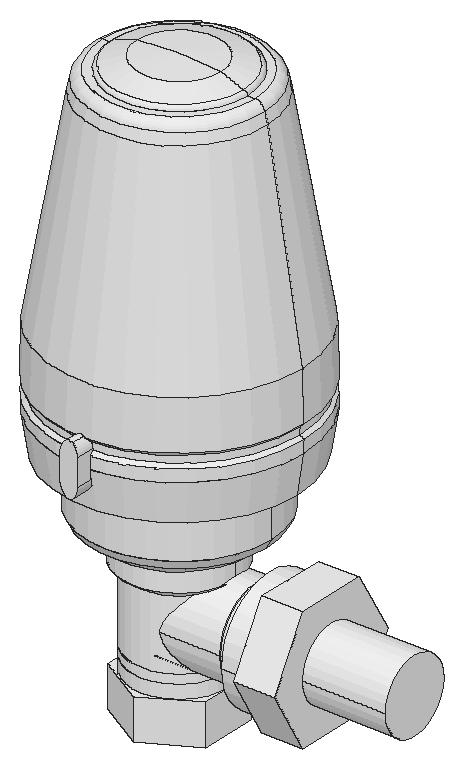
Revit family "RA-FN_Angle_DN10-20_D_Regus_RFA_1", category Pipe Accessories, Revit 2019
Family settings
  Round Connector Dimension = Use Diameter
  Part Type = Valve - Breaks Into
  OmniClass Number = 23.65.55.14.17
  OmniClass Title = Adjusting/Controlling Valves for Liquid Services
  Work Plane-Based = No
  Always vertical = Yes
  Cut with Voids When Loaded = No
  Shared = No
Parameters (values of type "RA-FN_Angle_DN10_Internal_D_013G0021")
  Weight = 0.21 kg
  W = 58.0 mm  # constant formula
  Sensor Type = Regus Sensors_RA_RFA : Regus Sensors_RA_Built-in_16-28 °C_015G3696
  R_200_1 = 15.0 mm
  R_200 = 12.5 mm
  RV2 = 10.5 mm
  RV3 = 13.3 mm
  RV4 = 8.0 mm
  RB3 = 10.6 mm
  RB = 27.5 mm  # constant formula
  Pressure Drop [instance] = 0.0 bar
  Nut_Visibility = 0.0 mm
  Nut = if(Nut_Visibility > 1.0 mm, 1 = 1, 1 = 0)  # no
  Model Type = "RA-FN_Angle_DN10_Internal_D"
  Model = "013G0021"
  Max Operating Pressure = "10 bar"  # constant formula
  Max Medium Temperature = "120 ˚C"  # constant formula
  Max Differential Pressure = "0.6 bar"  # constant formula
  SL = L1 + L2 + L3 + L4  # 33.5 mm
  LOD 350 = not(LOD 200)  # yes
  LOD 200 = no
  L2 = 3.0 mm
  L1 = 17.0 mm
  L3 = 4.5 mm
  L4 = 9.0 mm
  LL = 52.0 mm
  L = LL + RB  # 79.5 mm
  Kvs = 0.65 m³/h
  IfcExportType = "RA-FN"  # constant formula
  IfcExportAs = "IfcValveType"  # constant formula
  HB4 = 0.0 mm
  HB2 = 2.0 mm
  HB1 = 9.0 mm
  HB3 = 8.0 mm
  HT3 = 6.0 mm
  HT2 = 1.5 mm
  SH = HT1 + HT2 + HT3 + 23.0 mm  # 38.0 mm
  HT1 = 7.5 mm
  Valve Body Material = Danfoss Nickel Plated Brass
  URL = "https://store.danfoss.com/en/Climate-Solutions-for-heating/Radiator-Thermostats/Radiator-Valves/Build-on-valves/Fixed-capacity-valves/c/13867?q=%3Arelevance%3Adanfoss_producttypehierarchydesc%3ARA-FN&text="
  RV1 = 10.0 mm
  Manufacturer = "Danfoss"  # constant formula
  RB2 = 10.6 mm
  HB = 22.0 mm
  HT = HT1 + HT2 + HT3 + 93.8 mm  # 108.8 mm
  H = 130.8 mm
  Flow [instance] = 0.0 m³/h
  Description = "Thermostatic Radiator Valve"  # constant formula
  DB1 = 25.0 mm
  L_Thread2 = 13.5 mm
  L_Thread1 = 10.8 mm
  D = 10.0 mm
  Connection = "Internal Thread"  # constant formula
Types (4, lengths in mm): name | Weight | Sensor Type | R_200_1 | R_200 | RV2 | RV3 | RV4 | RB3 | Nut_Visibility | Nut | Model Type | Model | SL | L2 | L1 | L3 | L4 | LL | L | Kvs | HB4 | HB2 | HB1 | HB3 | HT3 | HT2 | SH | HT1 | RV1 | RB2 | HB | HT | H | DB1 | L_Thread2 | L_Thread1 | D
  RA-FN_Angle_DN10_Internal_D_013G0021 | 0.21 kg | Regus Sensors_RA_RFA : Regus Sensors_RA_Built-in_16-28 °C_015G3696 | 15.0 | 12.5 | 10.5 | 13.3 | 8.0 | 10.6 | 0.0 | no | "RA-FN_Angle_DN10_Internal_D" | "013G0021" | 33.5 | 3.0 | 17.0 | 4.5 | 9.0 | 52.0 | 79.5 | 0.65 m³/h | 0.0 | 2.0 | 9.0 | 8.0 | 6.0 | 1.5 | 38.0 | 7.5 | 10.0 | 10.6 | 22.0 | 108.8 | 130.8 | 25.0 | 13.5 | 10.8 | 10.0
  RA-FN_Angle_DN15_Internal_D_H=74 mm_013G0023 | 0.23 kg | Regus Sensors_RA_RFA : Regus Sensors_RA_Built-in_8-28 °C | 17.3 | 15.3 | 13.0 | 15.0 | 10.5 | 12.5 | 1.0 | no | "RA-FN_Angle_DN15_Internal_D_H=74 mm" | "013G0023,013G3227" | 38.0 | 3.0 | 20.0 | 5.0 | 10.0 | 58.0 | 85.5 | 0.9 m³/h | 0.0 | 3.0 | 10.0 | 7.0 | 6.0 | 1.5 | 38.0 | 7.5 | 11.0 | 9.5 | 26.0 | 108.8 | 134.8 | 25.0 | 15.0 | 13.3 | 15.0
  RA-FN_Angle_DN20_Internal_D_013G0025 | 0.37 kg | Regus Sensors_RA_RFA : Regus Sensors_RA_Built-in_8-28 °C | 21.131 | 18.244 | 16.5 | 18.5 | 13.0 | 15.5 | 0.0 | no | "RA-FN_Angle_DN20_Internal_D" | "013G0025" | 44.0 | 4.0 | 21.5 | 5.0 | 13.5 | 66.5 | 94.0 | 1.4 m³/h | 0.0 | 3.0 | 13.0 | 8.0 | 4.5 | 2.0 | 38.5 | 9.0 | 13.0 | 13.0 | 29.0 | 109.3 | 138.3 | 26.0 | 18.3 | 15.8 | 20.0
  RA-FN_Angle_DN15_Internal_D_H=84 mm_013G0083 | 0.23 kg | Regus Sensors_RA_RFA : Regus Sensors_RA_Built-in_8-28 °C | 17.3 | 15.3 | 13.0 | 15.0 | 10.5 | 12.5 | 2.0 | yes | "RA-FN_Angle_DN15_Internal_D_H=84 mm" | "013G0083" | 38.0 | 3.0 | 20.0 | 5.0 | 10.0 | 58.0 | 85.5 | 0.9 m³/h | 9.9 | 3.0 | 10.0 | 7.0 | 6.0 | 1.5 | 38.0 | 7.5 | 11.0 | 9.5 | 26.0 | 108.8 | 144.7 | 25.0 | 15.0 | 13.3 | 15.0
Reference planes
  plane 1 "Center (Front/Back)": y = 0
  plane 2 "XYPLANE": z = 0
  plane 3 "Center (Left/Right)": x = 0
  plane 4 "54": z = 7.5
  plane 5 "52": z = -22
  plane 6 "51": x = 0
  plane 7 "50": y = 0
  plane 8 "49": z = 0
  plane 9 "48": x = 24.5
  plane 10: z = 9
  plane 11: z = 15
  plane 12: z = -8
  plane 13: z = -10
  plane 14: z = -13
  plane 15: x = 52
  plane 16: x = 33.5
  plane 17: x = 20
  plane 18: x = 17
  plane 19: z = -22
  plane 20: z = 108.8
  plane 21: y = 15.6
  plane 22: y = -15.6
  plane 23: x = -27.5
  plane 24: y = -30.5
  plane 25: y = 27.5
Forms (mm)
  Extrusion 1, solid, material "Danfoss Nickel Plated Brass" <- "Valve Body Material", detail levels fine
    sketch origin (0, 0, 0) x (1, 0, 0) y (0, 1, 0)
      loop
        circle (0, 0) r 12.5
    from 9 to 15
  Extrusion 2, solid, material "Danfoss Nickel Plated Brass" <- "Valve Body Material", visible <- "LOD 350", detail levels fine
    sketch origin (-750, 0, -22) x (1, 0, 0) y (0, 1, 0)
      loop
        line (750, -12.471) -> (760.8, -6.235) -> (760.8, 6.235) -> (750, 12.471) -> (739.2, 6.235) -> (739.2, -6.235) -> (750, -12.471)
    from 0 to 9
  Extrusion 3, solid, material "Danfoss Nickel Plated Brass" <- "Valve Body Material", visible <- "LOD 350", detail levels fine
    sketch origin (0, 0, 0) x (1, 0, 0) y (0, 1, 0)
      loop
        circle (0, 0) r 10.6
    from 7.5 to -8
  Extrusion 4, solid, material "Danfoss Nickel Plated Brass" <- "Valve Body Material", visible <- "LOD 350", detail levels fine
    sketch origin (16.7, -750, 0) x (0, 1, 0) y (0, 0, 1)
      loop
        circle (750, 0) r 10
    from 0.3 to -16.7
  Extrusion 5, solid, material "Danfoss Nickel Plated Brass" <- "Valve Body Material", visible <- "LOD 350", detail levels fine
    sketch origin (24.5, -750, 0) x (0, 1, 0) y (0, 0, 1)
      loop
        line (734.412, 0) -> (742.206, -13.5) -> (757.794, -13.5) -> (765.588, 0) -> (757.794, 13.5) -> (742.206, 13.5) -> (734.412, 0)
    from 9 to 0
  Extrusion 6, solid, material "Danfoss Nickel Plated Brass" <- "Valve Body Material", visible <- "LOD 350", detail levels fine
    sketch origin (24.5, -750, 0) x (0, 1, 0) y (0, 0, 1)
      loop
        circle (750, 0) r 13.3
    from 0 to -4.5
  Extrusion 7, solid, material "Danfoss Nickel Plated Brass" <- "Valve Body Material", visible <- "LOD 350", detail levels fine
    sketch origin (0, 0, 0) x (1, 0, 0) y (0, 1, 0)
      loop
        circle (0, 0) r 10.6
    from -13 to -10
  Blend 8, solid, material "Danfoss Nickel Plated Brass" <- "Valve Body Material", visible <- "LOD 350", detail levels fine
    base sketch origin (0, 0, 0) x (1, 0, 0) y (0, 1, 0)
      loop
        circle (0, 0) r 10.6
    top sketch origin (0, 0, 0) x (1, 0, 0) y (0, 1, 0)
      loop
        circle (0, 0) r 10.6
    from -10 to -8
  Blend 9, solid, material "Danfoss Nickel Plated Brass" <- "Valve Body Material", visible <- "LOD 350", detail levels fine
    base sketch origin (0, 0, 0) x (0, -1, 0) y (1, 0, 0)
      loop
        circle (0, 0) r 12.5
    top sketch origin (0, 0, 0) x (0, -1, 0) y (1, 0, 0)
      loop
        circle (0, 0) r 10.6
    from 9 to 7.5
  Blend 10, solid, material "Danfoss Nickel Plated Brass" <- "Valve Body Material", visible <- "LOD 350", detail levels fine
    base sketch origin (0, 0, 0) x (0, 1, 0) y (0, 0, 1)
      loop
        circle (0, 0) r 10
    top sketch origin (0, 0, 0) x (0, 1, 0) y (0, 0, 1)
      loop
        circle (0, 0) r 10.5
    from 17 to 20
  Extrusion 11, solid, material "Danfoss Nickel Plated Brass" <- "Valve Body Material", detail levels fine
    sketch origin (24.5, -750, 0) x (0, 1, 0) y (0, 0, 1)
      loop
        circle (750, 0) r 8
    from 9 to 27.5
  Revolve 12, solid, material "Danfoss Nickel Plated Brass" <- "Valve Body Material", visible <- "LOD 200", detail levels fine
    sketch origin (0, 0, 0) x (1, 0, 0) y (0, 0, 1)
      loop
        line (0, -13) -> (10.6, -13) -> (10.6, 9) -> (0, 9) -> (0, -13)
      axis (0, -13) -> (0, 9)
    angle from 0 to 360
  Extrusion 13, solid, material "Danfoss Nickel Plated Brass" <- "Valve Body Material", visible <- "LOD 200", detail levels fine
    sketch origin (0, 0, 0) x (0, 1, 0) y (0, 0, 1)
      loop
        circle (0, 0) r 10
    from 0 to 24.5
  Extrusion 14, solid, material "Danfoss Nickel Plated Brass" <- "Valve Body Material", visible <- "LOD 200", detail levels fine
    sketch origin (24.5, -750, 0) x (0, 1, 0) y (0, 0, 1)
      loop
        circle (750, 0) r 15
    from 0 to 9
  Extrusion 15, solid, material "Danfoss Nickel Plated Brass" <- "Valve Body Material", visible <- "LOD 200", detail levels fine
    sketch origin (0, 0, 0) x (1, 0, 0) y (0, 1, 0)
      loop
        circle (0, 0) r 12.5
    from -22 to -13
  Revolve 16, solid, material "Danfoss Nickel Plated Brass" <- "Valve Body Material", visible <- "Nut", detail levels fine
    sketch origin (0, 0, 0) x (1, 0, 0) y (0, 0, 1)
      loop
        line (0, -12.1) -> (0, -22) -> (10.9, -22) -> (10.9, -16.034) -> (9.21, -16.034) -> (9.21, -12.1) -> (0, -12.1)
      axis (0, -12.1) -> (0, -22)
    angle from 0 to 360
Lines and regions (mm)
  reference lines, not visible
    curve 1: circle (2, 2, 0) r 1 normal (0, 0, 1)
  reference lines
    curve 2: line (0, 0, -22) -> (4.33, 2.5, -22)
    curve 3: line (0, 0, -22) -> (0, 5, -22)
    curve 4: line (0, 0, -22) -> (-4.33, 2.5, -22)
    curve 5: line (24.5, 0, 0) -> (24.5, 2.625, -4.547)
    curve 6: line (24.5, 0, 0) -> (24.5, 5.25, 0)
    curve 7: line (24.5, 0, 0) -> (24.5, 2.625, 4.547)
Dimensions and locks
  plane 1 "Center (Front/Back)" to curve 1 = 2.0 mm
  "HT1": plane 2 "XYPLANE" to plane 4 "54"
  "HB": plane 2 "XYPLANE" to plane 5 "52"
  locked: plane 3 "Center (Left/Right)" to plane 6 "51"
  locked: plane 1 "Center (Front/Back)" to plane 7 "50"
  locked: plane 2 "XYPLANE" to plane 8 "49"
  "L_Thread1": curve 2 to Extrusion 2 sketch curve  (x2)
  "L_Thread1": curve 3 to Extrusion 2 sketch curve  (x2)
  "L_Thread1": curve 4 to Extrusion 2 sketch curve  (x2)
  "L_Thread2": curve 5 to Extrusion 5 sketch curve  (x2)
  "L_Thread2": curve 6 to Extrusion 5 sketch curve  (x2)
  "L_Thread2": curve 7 to Extrusion 5 sketch curve  (x2)
  "HT2": plane 10 to plane 4 "54"
  "HT3": plane 11 to plane 10
  "HB3": level to plane 12
  "HB2": plane 12 to plane 13
  "HB1": plane 14 to plane 5 "52"
  "LL": plane 15 to plane 3 "Center (Left/Right)"
  "L4": plane 9 "48" to plane 16
  "L3": plane 17 to plane 9 "48"
  "L2": plane 18 to plane 17
  "L1": plane 3 "Center (Left/Right)" to plane 18
  plane 9 "48" to plane 3 "Center (Left/Right)" = 24.5 mm
  "RB2": Revolve 12 sketch curve to Revolve 12 sketch curve
  plane 11 to level = 15.0 mm
  "HT": plane 20 to level
  Extrusion 2 to Extrusion 2 = 24.942 mm
  equal spacing: plane 21, plane 1 "Center (Front/Back)", plane 22
  "L": plane 15 to plane 23
  "W": plane 24 to plane 25
  Revolve 16 sketch curve to Revolve 16 sketch curve = 5.966 mm
  Revolve 16 sketch curve to Revolve 16 sketch curve = 3.934 mm
  "H": plane 20 to plane 19
  "DB1": diameter of Extrusion 1 sketch curve
  "RB2": radius of Extrusion 3 sketch curve
  "RV1": radius of Extrusion 4 sketch curve
  "RB3": radius of Extrusion 7 sketch curve
  "RB3": radius of Blend 8 sketch curve
  "RB2": radius of Blend 8 sketch curve
  "RB2": radius of Blend 9 sketch curve
  "RV3": radius of Extrusion 6 sketch curve
  "RV1": radius of Blend 10 sketch curve
  "RV2": radius of Blend 10 sketch curve
  "RV4": radius of Extrusion 11 sketch curve
  "DB1": diameter of Blend 9 sketch curve
  "RV1": radius of Extrusion 13 sketch curve
  "R_200_1": radius of Extrusion 14 sketch curve
  "R_200": radius of Extrusion 15 sketch curve
  locked: curve 3 to curve 2 (angle 60.00°)
  locked: curve 4 to curve 3 (angle 60.00°)
  locked: curve 4 to curve 2 (angle 120.00°)
  locked: curve 6 to curve 5 (angle 60.00°)
  locked: curve 7 to curve 6 (angle 60.00°)
  locked: curve 7 to curve 5 (angle 120.00°)
  aligned and locked: level to plane 2 "XYPLANE"
  aligned and locked: plane 6 "51" to Extrusion 1 sketch curve
  aligned and locked: plane 7 "50" to Extrusion 1 sketch curve
  aligned and locked: plane 6 "51" to curve 4
  aligned and locked: plane 7 "50" to curve 4
  aligned and locked: plane 6 "51" to Extrusion 3 sketch curve
  aligned and locked: plane 7 "50" to Extrusion 3 sketch curve
  aligned and locked: Extrusion 4 sketch curve to plane 7 "50"
  aligned and locked: plane 8 "49" to Extrusion 4 sketch curve
  aligned and locked: curve 7 to plane 7 "50"
  aligned and locked: plane 8 "49" to curve 7
  aligned and locked: plane 8 "49" to Extrusion 6 sketch curve
  aligned and locked: Extrusion 1 to plane 10
  aligned and locked: plane 11 to Extrusion 1
  aligned and locked: plane 4 "54" to Extrusion 3
  aligned and locked: plane 14 to Extrusion 2
  aligned and locked: Extrusion 3 to plane 12
  aligned and locked: plane 3 "Center (Left/Right)" to Extrusion 7 sketch curve
  aligned and locked: plane 1 "Center (Front/Back)" to Extrusion 7 sketch curve
  aligned and locked: Extrusion 7 to plane 14
  aligned and locked: plane 13 to Extrusion 7
  aligned and locked: plane 3 "Center (Left/Right)" to Blend 8 sketch curve  (x2)
  aligned and locked: plane 1 "Center (Front/Back)" to Blend 8 sketch curve  (x2)
  aligned and locked: Blend 8 to plane 13
  aligned and locked: plane 12 to Blend 8
  aligned and locked: plane 10 to Blend 9
  aligned and locked: Blend 9 to plane 4 "54"
  aligned and locked: Extrusion 4 to plane 18
  aligned and locked: Extrusion 6 to plane 17
  aligned and locked: plane 1 "Center (Front/Back)" to Extrusion 6 sketch curve
  aligned and locked: level to Extrusion 6 sketch curve
  aligned and locked: Extrusion 5 to plane 9 "48"
  aligned and locked: plane 16 to Extrusion 5
  aligned and locked: Extrusion 4 to plane 3 "Center (Left/Right)"
  aligned and locked: plane 1 "Center (Front/Back)" to Blend 10 sketch curve  (x2)
  aligned and locked: level to Blend 10 sketch curve  (x2)
  aligned and locked: Blend 10 to plane 18
  aligned and locked: Blend 10 to plane 17
  aligned and locked: plane 1 "Center (Front/Back)" to Extrusion 11 sketch curve
  aligned and locked: level to Extrusion 11 sketch curve
  aligned and locked: Extrusion 11 to plane 16
  aligned and locked: plane 15 to Extrusion 11
  aligned and locked: plane 6 "51" to Blend 9 sketch curve
  aligned and locked: plane 7 "50" to Blend 9 sketch curve
  aligned and locked: Revolve 12 sketch curve to plane 3 "Center (Left/Right)"
  aligned and locked: Revolve 12 sketch curve to Revolve 12 sketch curve
  aligned and locked: Revolve 12 sketch curve to plane 10
  aligned and locked: level to Extrusion 13 sketch curve
  aligned and locked: plane 1 "Center (Front/Back)" to Extrusion 13 sketch curve
  aligned and locked: Extrusion 13 to plane 9 "48"
  aligned and locked: plane 1 "Center (Front/Back)" to Extrusion 14 sketch curve
  aligned and locked: level to Extrusion 14 sketch curve
  aligned and locked: plane 6 "51" to Extrusion 15 sketch curve
  aligned and locked: plane 7 "50" to Extrusion 15 sketch curve
  aligned and locked: Extrusion 15 to plane 5 "52"
  aligned and locked: plane 14 to Extrusion 15
  aligned and locked: Extrusion 14 to plane 9 "48"
  aligned and locked: plane 16 to Extrusion 14
  aligned and locked: Revolve 12 sketch curve to plane 14
  aligned and locked: Revolve 16 sketch curve to plane 3 "Center (Left/Right)"  (x2)
  aligned and locked: Revolve 16 sketch curve to plane 19
  aligned and locked: plane 11 to nested 1
  aligned and locked: plane 3 "Center (Left/Right)" to nested 1
  aligned and locked: plane 1 "Center (Front/Back)" to nested 1
  aligned and locked: nested 2 to plane 11
  aligned and locked: plane 3 "Center (Left/Right)" to nested 2
  aligned and locked: plane 1 "Center (Front/Back)" to nested 2
  aligned and locked: plane 1 "Center (Front/Back)" to nested 3
  aligned and locked: nested 3 to level
Automatic sketch dimensions
  plane 3 "Center (Left/Right)" to curve 1 = 2.0 mm
  plane 3 "Center (Left/Right)" to Revolve 16 sketch curve = 9.21 mm
  Revolve 16 sketch curve to Revolve 16 sketch curve = 1.69 mm
  Revolve 16 sketch curve to plane 19 = 330.145 mm
  plane 11 to Revolve 16 sketch curve = 2196.815 mm
  plane 1 "Center (Front/Back)" to Blend 9 sketch curve = 0.0 mm
  Blend 9 sketch curve to plane 3 "Center (Left/Right)" = 0.0 mm
  Revolve 12 sketch curve to plane 14 = 0.0 mm
  Revolve 12 sketch curve to plane 11 = 0.0 mm
  radius of curve 1 = 1.0 mm
Nested families
  nested 1: "connection neck" at (0, 0, 15), LOD 200 <- "LOD 200", type "connection", detail levels fine
    with LOD 350 yes, LOD 200 no, DN20(350) no, DN10-15(350) yes
  nested 2: "Regus Sensors_RA_RFA" at (0, 0, 15), LOD 200 <- "LOD 200", type <- "Sensor Type", type "Regus Sensors_RA_Built-in_16-28 °C_015G3696", detail levels fine
    with LOD 350 yes, LOD 200 no
  nested 3: "Schematic_TRV_Sensor_Angle" at (0, 0, 0), type "Schematic_TRV_Sensor_Angle", detail levels coarse+medium
Connectors
  piping at (0, 0, -22), diameter 10, driven by "Flow", driven by "D"
    settings: on Extrusion 2, index 3, connector inside diameter 609.6 mm, connector length 0.0 mm, flow factor 0, pipe flow 0.0 m³/h, pressure drop 0.0 bar, fitting loss kfactor 0, connector angle 0.00°, fixture units 0, engagement length 0.0 mm, angle of deflection 0.00°, flow configuration 0, flow direction 1, fitting loss method 0, system type 29, joint type 0, gender type 0, connector reference index 4, connector utility 0, adjustable connector no, is connector primary yes, connector description ""
  piping at (33.5, 0, 0), diameter 10, driven by "D", driven by "Flow"
    settings: on Extrusion 5, index 4, connector inside diameter 609.6 mm, connector length 0.0 mm, flow factor 0, pipe flow 0.0 m³/h, pressure drop 0.0 bar, fitting loss kfactor 0, connector angle 0.00°, fixture units 0, engagement length 0.0 mm, angle of deflection 0.00°, flow configuration 0, flow direction 2, fitting loss method 0, system type 29, joint type 0, gender type 0, connector reference index 3, connector utility 0, adjustable connector no, is connector primary no, connector description ""
Definition of nested family "connection neck"
  Parameters (values of type "connection")
    Model = ""
    Valve Body Material = none
    LOD 350 [instance] = not(LOD 200)  # yes
    LOD 200 [instance] = no
    IfcExportType = "Connection neck"  # constant formula
    IfcExportAs = "IfcValveType"  # constant formula
    URL = "https://store.danfoss.com/en/Climate-Solutions-for-heating/Radiator-Thermostats/Radiator-Valves/Build-on-valves/Presetting-valves/c/13866?q=%3Arelevance%3Adanfoss_producttypehierarchydesc%3ARA-N&text="
    Manufacturer = "Danfoss"  # constant formula
    HT1 = if(D = 20.0 mm, 12.55 mm, 12.65 mm)  # 12.65 mm
    HT = 33.0 mm  # constant formula
    H [instance] = 33.0 mm
    Description = "Thermostatic Radiator Valve"  # constant formula
    DN20(350) [instance] = and((LOD 350), D = 20.0 mm)  # no
    DN10-15(350) [instance] = and((LOD 350), D < 20.0 mm)  # yes
    D = 10.0 mm
  Reference planes
    plane 1 "Center (Front/Back)": y = 0
    plane 2 "XYPLANE": z = 6
    plane 3 "Center (Left/Right)": x = 0
    plane 4 "67": z = 27.03
    plane 5 "66": z = 7
    plane 6 "63": x = 0
    plane 7 "60": y = 0
    plane 8 "59": z = 0
    plane 9: z = 33
    plane 10: z = 12.65
    plane 11: z = 0
    plane 12 "HT1": z = 12.65
    plane 13: z = 6.1
    plane 14: z = 23.03
  Forms (mm)
    Revolve 1, solid, detail levels fine
      sketch origin (0, 0, 0) x (1, 0, 0) y (0, 0, 1)
        loop
          line (0, 33) -> (0, 27.03) -> (1, 27.03) -> (1, 33) -> (0, 33)
        axis (0, 27.03) -> (0, 33)
      angle from 0 to 360
    Revolve 2, solid, visible <- "DN10-15(350)", detail levels fine
      sketch origin (0, 0, 0) x (1, 0, 0) y (0, 0, 1)
        loop
          line (0, 0) -> (11.5, 0) -> (11.5, 7) -> (8.3, 7) -> (8.3, 12.65) -> (0, 12.65) -> (0, 0)
        axis (0, 12.65) -> (0, 0)
      angle from 0 to 360
    Revolve 3, solid, material <- "Valve Body Material", detail levels fine
      sketch origin (0, 0, 0) x (1, 0, 0) y (0, 0, 1)
        loop
          line (0, 23.03) -> (0, 12.65) -> (9.3, 12.65) -> (9.3, 23.03) -> (0, 23.03)
        axis (0, 12.65) -> (0, 23.03)
      angle from 0 to 360
    Revolve 4, solid, visible <- "LOD 200", detail levels fine
      sketch origin (0, 0, 0) x (1, 0, 0) y (0, 0, 1)
        loop
          line (0, 0) -> (11.5, 0) -> (11.5, 12.65) -> (0, 12.65) -> (0, 0)
        axis (0, 0) -> (0, 12.65)
      angle from 0 to 360
    Extrusion 5, solid, visible <- "LOD 350", detail levels fine
      sketch origin (0, 0, 0) x (1, 0, 0) y (0, 1, 0)
        loop
          line (-2.887, 5) -> (-5.774, 0) -> (-2.887, -5) -> (2.887, -5) -> (5.774, 0) -> (2.887, 5) -> (-2.887, 5)
      from 23.03 to 27.03
    Revolve 6, solid, visible <- "LOD 200", detail levels fine
      sketch origin (0, 0, 0) x (1, 0, 0) y (0, 0, 1)
        loop
          line (0, 27.03) -> (0, 23.03) -> (5.774, 23.03) -> (5.774, 27.03) -> (0, 27.03)
        axis (0, 27.03) -> (0, 23.03)
      angle from 0 to 360
    Revolve 7, solid, visible <- "DN20(350)", detail levels fine
      sketch origin (0, 0, 0) x (1, 0, 0) y (0, 0, 1)
        loop
          line (0, 0) -> (11.5, 0) -> (11.5, 6.1) -> (8.3, 6.1) -> (8.3, 12.65) -> (0, 12.65) -> (0, 0)
        axis (0, 12.65) -> (0, 0)
      angle from 0 to 360
  Lines and regions (mm)
    reference lines, not visible
      curve 1: circle (2, 2, 0) r 1 normal (0, 0, 1)
    reference lines, visible <- "LOD 350"
      curve 2: line (32, 0, 0) -> (32, 5.846, -3.375)
      curve 3: line (32, 0, 0) -> (32, 0, -6.75)
      curve 4: line (32, 0, 0) -> (32, -5.846, -3.375)
      curve 5: line (-29, 0, 0) -> (-29, -4.98, -2.875)
      curve 6: line (-29, 0, 0) -> (-29, 0, -5.75)
      curve 7: line (-29, 0, 0) -> (-29, 4.98, -2.875)
  Dimensions and locks
    plane 1 "Center (Front/Back)" to curve 1 = 2.0 mm
    locked: plane 3 "Center (Left/Right)" to plane 6 "63"
    locked: plane 1 "Center (Front/Back)" to plane 7 "60"
    plane 8 "59" to plane 2 "XYPLANE" = 6.0 mm
    "HT": plane 9 to level
    Revolve 3 sketch curve to Revolve 3 sketch curve = 9.3 mm
    Revolve 2 sketch curve to plane 3 "Center (Left/Right)" = 11.5 mm
    Revolve 2 sketch curve to plane 3 "Center (Left/Right)" = 8.3 mm
    Revolve 4 sketch curve to Revolve 4 sketch curve = 11.5 mm
    Extrusion 5 sketch curve to Extrusion 5 sketch curve = 10.0 mm  (x3)
    equal spacing: Extrusion 5 sketch curve, plane 1 "Center (Front/Back)", Extrusion 5 sketch curve
    equal spacing: Extrusion 5 sketch curve, plane 3 "Center (Left/Right)", Extrusion 5 sketch curve  (x2)
    Revolve 6 sketch curve to Revolve 6 sketch curve = 5.774 mm
    "H": plane 9 to plane 11
    Revolve 1 sketch curve to Revolve 1 sketch curve = 1.0 mm
    locked: level to plane 11
    Revolve 7 sketch curve to plane 3 "Center (Left/Right)" = 8.3 mm
    Revolve 7 sketch curve to plane 3 "Center (Left/Right)" = 11.5 mm
    plane 10 to plane 5 "66" = 5.65 mm
    "HT1": plane 12 "HT1" to level
    locked: plane 13 to level at 6.1
    plane 12 "HT1" to plane 13 = 6.55 mm
    locked: plane 14 to plane 12 "HT1" at 10.38
    locked: plane 4 "67" to plane 14 at 4
    locked: plane 5 "66" to level at 7
    locked: curve 3 to curve 2 (angle 60.00°)
    locked: curve 4 to curve 3 (angle 60.00°)
    locked: curve 4 to curve 2 (angle 120.00°)
    locked: curve 6 to curve 5 (angle 60.00°)
    locked: curve 7 to curve 6 (angle 60.00°)
    locked: curve 7 to curve 5 (angle 120.00°)
    aligned and locked: curve 4 to plane 7 "60"
    aligned and locked: plane 8 "59" to curve 4
    aligned and locked: curve 7 to plane 7 "60"
    aligned and locked: plane 8 "59" to curve 7
    aligned and locked: Revolve 1 sketch curve to plane 6 "63"
    aligned and locked: Revolve 1 sketch curve to plane 9
    aligned and locked: plane 6 "63" to Revolve 1 sketch curve
    aligned and locked: Revolve 2 sketch curve to plane 5 "66"
    aligned and locked: Revolve 2 sketch curve to plane 3 "Center (Left/Right)"
    aligned and locked: Revolve 2 sketch curve to Revolve 2 sketch curve
    aligned and locked: Revolve 3 sketch curve to plane 6 "63"
    aligned and locked: plane 6 "63" to Revolve 3 sketch curve
    aligned and locked: Revolve 4 sketch curve to plane 6 "63"
    aligned and locked: plane 2 "XYPLANE" to Revolve 4 sketch curve
    aligned and locked: plane 6 "63" to Revolve 4 sketch curve
    aligned and locked: Revolve 1 sketch curve to plane 4 "67"
    aligned and locked: plane 4 "67" to Revolve 1 sketch curve
    aligned and locked: Revolve 2 sketch curve to plane 11
    aligned and locked: plane 11 to Revolve 2 sketch curve
    aligned and locked: plane 4 "67" to Extrusion 5
    aligned and locked: plane 10 to Revolve 4
    aligned and locked: Revolve 6 sketch curve to plane 6 "63"  (x2)
    aligned and locked: Revolve 6 sketch curve to plane 4 "67"
    aligned and locked: Revolve 6 sketch curve to Revolve 1
    aligned and locked: Revolve 6 sketch curve to Revolve 6 sketch curve
    aligned and locked: Revolve 7 sketch curve to level
    aligned and locked: Revolve 7 sketch curve to plane 3 "Center (Left/Right)"  (x2)
    aligned and locked: Revolve 4 sketch curve to plane 12 "HT1"
    aligned and locked: Revolve 3 sketch curve to plane 12 "HT1"
    aligned and locked: Revolve 2 sketch curve to plane 12 "HT1"
    aligned and locked: Revolve 7 sketch curve to plane 12 "HT1"
    aligned and locked: Revolve 7 sketch curve to plane 13
    aligned and locked: Revolve 3 sketch curve to plane 14
    aligned and locked: Extrusion 5 to plane 14
  Automatic sketch dimensions
    plane 3 "Center (Left/Right)" to curve 1 = 2.0 mm
    plane 9 to Revolve 1 sketch curve = 0.838 mm
    Revolve 3 sketch curve to plane 3 "Center (Left/Right)" = 0.0 mm
    plane 5 "66" to Revolve 3 sketch curve = 2.5 mm
    Revolve 3 sketch curve to plane 9 = 1.691 mm
    Revolve 4 sketch curve to plane 11 = 0.0 mm
    Revolve 4 sketch curve to plane 9 = 0.3 mm
    plane 1 "Center (Front/Back)" to Extrusion 5 sketch curve = 0.0 mm
    Extrusion 5 sketch curve to Extrusion 5 sketch curve = 2.887 mm
    Revolve 7 sketch curve to Revolve 7 sketch curve = 0.0 mm
    Revolve 7 sketch curve to Revolve 7 sketch curve = 11.48 mm
    Revolve 2 sketch curve to plane 4 "67" = 3.0 mm
    Revolve 6 sketch curve to plane 4 "67" = 4.0 mm
    radius of curve 1 = 1.0 mm
Definition of nested family "Regus Sensors_RA_RFA"
  Parameters (values of type "Regus Sensors_RA_Built-in_8-28 °C")
    W [instance] = 57.89 mm
    URL = "https://store.danfoss.com/en/Climate-Solutions-for-heating/Radiator-Thermostats/Radiator-sensors/Room-sensor-mTRV/Sensors-for-Danfoss-RA-valves/c/13884?q=%3Arelevance%3Adanfoss_producttypehierarchydesc%3ADanfoss+Regus%C2%AE+Sensors%3Adanfoss_a1184338573%3AA1184_3385735918e24870f0ea98b9978dae8a69c533%3Adanfoss_a1186338575%3AA1186_3385757565fa0f3e171a343b2fd2a01064cb82&text="
    Sensor Media = "Liquid"  # constant formula
    Model Type = "Regus Sensors_RA_Built-in_8-28 °C"
    Model = "015G3690,015G3698,015G3818"
    Min Temperature Setting = "8 °C"
    Max Temperature Setting = "28 °C"  # constant formula
    Manufacturer = "Danfoss"  # constant formula
    LOD 350 [instance] = not(LOD 200)  # yes
    LOD 200 [instance] = no
    L [instance] = 55.0 mm
    IfcExportType = "Regus Sensors"  # constant formula
    IfcExportAs = "IfcActuatorType"  # constant formula
    H [instance] = 93.8 mm
    Description = "Radiator Sensor"  # constant formula
    Connection = "RA"  # constant formula
    Body Material = none
  Types (3, lengths in mm): name | W | Model Type | Model | Min Temperature Setting
    Regus Sensors_RA_Built-in_8-28 °C | 57.89 | "Regus Sensors_RA_Built-in_8-28 °C" | "015G3690,015G3698,015G3818" | "8 °C"
    Regus Sensors_RA_Built-in_16-28 °C_015G3696 | 58.085 | "Regus Sensors_RA_Built-in_16-28 °C" | "015G3696" | "16 °C"
    Regus Sensors_RA_Built-in_15-28 °C_015G3695 | 57.89 | "Regus Sensors_RA_Built-in_15-28 °C" | "015G3695" | "15 °C"
  Reference planes
    plane 1 "Center (Front/Back)": y = 0
    plane 2: z = 0
    plane 3 "Center (Left/Right)": x = 0
    plane 4: y = 27.5
    plane 5: z = 93.8
    plane 6 "TP": z = 56
    plane 7 "BT": z = 17.2
    plane 8: x = -27.5
    plane 9: y = -27.5
    plane 10: x = 27.5
  Forms (mm)
    Revolve 1, solid, material <- "Body Material", visible <- "LOD 350", detail levels fine
      sketch origin (0, 0, 0) x (1, 0, 0) y (0, 0, 1)
        loop
          line (-15.605, 0) -> (0, 0) -> (0, 93.862)
          arc (0, 93.862) -> (-4.572, 93.778) -> (-9.125, 93.351) r 61.086
          arc (-9.125, 93.351) -> (-11.749, 92.659) -> (-14.298, 91.729) r 29.461
          arc (-14.298, 91.729) -> (-14.798, 91.355) -> (-15.061, 90.788) r 1.279
          line (-15.061, 90.788) -> (-16.86, 90.788)
          arc (-16.86, 90.788) -> (-18.161, 90.099) -> (-18.896, 88.823) r 2.657
          line (-18.896, 88.823) -> (-19.478, 86.463) -> (-27.325, 41.083) -> (-27.5, 30.132) -> (-26.69, 29.322) -> (-26.69, 27.783) -> (-27.5, 26.973) -> (-27.5, 24.341) -> (-26.21, 15.683) -> (-19.151, 15.683) -> (-20.356, 13.596) -> (-20.356, 4.723) -> (-19.293, 2.723) -> (-17.405, 2.723) -> (-17.405, 1.8) -> (-15.605, 0)
        axis (0, 93.862) -> (0, 0)
      angle from 0 to 360
    Revolve 2, solid, material <- "Body Material", visible <- "LOD 200", detail levels fine
      sketch origin (0, 0, 0) x (1, 0, 0) y (0, 0, 1)
        loop
          line (-20.702, 0) -> (0, 0) -> (0, 93.763) -> (-8.613, 93.313)
          arc (-8.613, 93.313) -> (-14.163, 92.002) -> (-18.896, 88.823) r 15.949
          line (-18.896, 88.823) -> (-27.397, 40.667) -> (-27.397, 23.819) -> (-26.254, 15.683) -> (-20.702, 15.683) -> (-20.702, 0)
        axis (0, 93.763) -> (0, 0)
      angle from 0 to 360
    Extrusion 3, solid, material <- "Body Material", visible <- "LOD 350", detail levels fine
      sketch origin (0, 0, 0) x (1, 0, 0) y (0, 0, 1)
        loop
          line (-2.009, 27.783) -> (-2.009, 21.856)
          arc (-2.009, 21.856) -> (-1.593, 20.295) -> (-0.456, 19.148) r 3.138
          arc (-0.456, 19.148) -> (0.144, 19.027) -> (0.691, 19.3) r 0.942
          arc (0.691, 19.3) -> (1.66, 20.418) -> (2.009, 21.856) r 3.138
          line (2.009, 21.856) -> (2.009, 27.783)
          arc (2.009, 27.783) -> (1.66, 29.221) -> (0.691, 30.339) r 3.138
          arc (0.691, 30.339) -> (0.144, 30.612) -> (-0.456, 30.491) r 0.942
          arc (-0.456, 30.491) -> (-1.593, 29.344) -> (-2.009, 27.783) r 3.138
      from 0 to 30.39
  Lines and regions (mm)
    symbolic lines
      curve 1: line (25.439, -10.66, 0) -> (26.655, -6.916, 0)
  Dimensions and locks
    "H": plane 5 to level
    "W": plane 4 to Extrusion 3
    equal spacing: plane 9, plane 1 "Center (Front/Back)", plane 4
    equal spacing: plane 10, plane 3 "Center (Left/Right)", plane 8
    "L": plane 10 to plane 8
    equal spacing: plane 8, plane 3 "Center (Left/Right)", plane 10
    aligned and locked: level to plane 2
  Automatic sketch dimensions
    plane 1 "Center (Front/Back)" to curve 1 = 6.916 mm
    curve 1 to curve 1 = 1.216 mm
    curve 1 to curve 1 = 3.744 mm
    plane 3 "Center (Left/Right)" to curve 1 = 25.439 mm
    Revolve 1 sketch curve to plane 8 = 0.0 mm  (x2)
    Revolve 1 sketch curve to plane 3 "Center (Left/Right)" = 0.0 mm  (x2)
    plane 8 to Revolve 1 sketch curve = 0.175 mm
    plane 8 to Revolve 1 sketch curve = 0.81 mm
    plane 8 to Revolve 1 sketch curve = 1.29 mm
    Revolve 1 sketch curve to Revolve 1 sketch curve = 5.853 mm
    plane 8 to Revolve 1 sketch curve = 8.022 mm
    level to Revolve 1 sketch curve = 2.723 mm
    Revolve 1 sketch curve to Revolve 1 sketch curve = 1.063 mm
    Revolve 1 sketch curve to plane 5 = 4.977 mm
    Revolve 1 sketch curve to Revolve 1 sketch curve = 0.581 mm
    Revolve 1 sketch curve to Revolve 1 sketch curve = 1.888 mm
    Revolve 1 sketch curve to Revolve 1 sketch curve = 2.037 mm
    Revolve 1 sketch curve to Revolve 1 sketch curve = 0.543 mm
    Revolve 1 sketch curve to Revolve 1 sketch curve = 1.798 mm
    Revolve 1 sketch curve to Revolve 1 sketch curve = 1.256 mm
    Revolve 1 sketch curve to plane 3 "Center (Left/Right)" = 2.936 mm
    Revolve 1 sketch curve to plane 3 "Center (Left/Right)" = 1.157 mm
    Revolve 1 sketch curve to Revolve 1 sketch curve = 2.0 mm
    plane 7 "BT" to Revolve 1 sketch curve = 3.604 mm
    Revolve 1 sketch curve to plane 7 "BT" = 7.141 mm
    Revolve 1 sketch curve to Revolve 1 sketch curve = 2.632 mm
    Revolve 1 sketch curve to Revolve 1 sketch curve = 0.81 mm  (x2)
    Revolve 1 sketch curve to Revolve 1 sketch curve = 1.539 mm
    Revolve 1 sketch curve to plane 7 "BT" = 15.587 mm
    Revolve 1 sketch curve to Revolve 1 sketch curve = 10.951 mm
    Revolve 1 sketch curve to plane 6 "TP" = 8.548 mm
    Revolve 1 sketch curve to Revolve 1 sketch curve = 2.36 mm
    Revolve 1 sketch curve to Revolve 1 sketch curve = 0.636 mm
    Revolve 1 sketch curve to Revolve 1 sketch curve = 0.239 mm
    plane 5 to Revolve 1 sketch curve = 0.062 mm
    plane 7 "BT" to Revolve 1 sketch curve = 1.517 mm
    Revolve 1 sketch curve to Revolve 1 sketch curve = 1.205 mm
    level to Revolve 1 sketch curve = 1.8 mm
    Revolve 1 sketch curve to Revolve 1 sketch curve = 0.0 mm
    Revolve 1 sketch curve to level = 366.045 mm
    Revolve 1 sketch curve to Revolve 1 sketch curve = 2130.253 mm
    Revolve 1 sketch curve to level = 0.0 mm
    Revolve 1 sketch curve to Revolve 1 sketch curve = 1.8 mm
    Extrusion 3 sketch curve to plane 3 "Center (Left/Right)" = 2.009 mm
    Extrusion 3 sketch curve to Extrusion 3 sketch curve = 0.88 mm  (x3)
    plane 3 "Center (Left/Right)" to Extrusion 3 sketch curve = 0.02 mm  (x2)
    plane 3 "Center (Left/Right)" to Extrusion 3 sketch curve = 1.129 mm  (x2)
    Extrusion 3 sketch curve to plane 7 "BT" = 2.761 mm
    Extrusion 3 sketch curve to Extrusion 3 sketch curve = 1.895 mm  (x2)
    Extrusion 3 sketch curve to Extrusion 3 sketch curve = 0.0 mm  (x4)
    Extrusion 3 sketch curve to Extrusion 3 sketch curve = 5.927 mm
    Revolve 2 sketch curve to level = 0.0 mm
    Revolve 2 sketch curve to plane 3 "Center (Left/Right)" = 0.0 mm  (x2)
    Revolve 2 sketch curve to plane 3 "Center (Left/Right)" = 7.781 mm
    plane 7 "BT" to Revolve 2 sketch curve = 1.517 mm
    plane 8 to Revolve 2 sketch curve = 6.798 mm
    plane 8 to Revolve 2 sketch curve = 1.246 mm
    plane 8 to Revolve 2 sketch curve = 0.103 mm
    Revolve 2 sketch curve to plane 7 "BT" = 6.619 mm
    plane 6 "TP" to Revolve 2 sketch curve = 15.333 mm
    Revolve 2 sketch curve to plane 5 = 0.037 mm
    Revolve 2 sketch curve to plane 5 = 0.487 mm
    Revolve 2 sketch curve to plane 3 "Center (Left/Right)" = 8.613 mm
    plane 8 to Revolve 2 sketch curve = 8.604 mm
    Revolve 2 sketch curve to level = 366.045 mm
    Revolve 2 sketch curve to plane 5 = 4.977 mm
    plane 5 to Revolve 2 sketch curve = 2120.515 mm
Definition of nested family "Schematic_TRV_Sensor_Angle"
  Parameters (values of type "Schematic_TRV_Sensor_Angle")
    LA_1 = 1 / 9 * HA  # 1.778 mm
    LA = 3 / 5 * HA  # 9.6 mm
    L = 30.0 mm
    HT = 28.0 mm
    HA_2 = 4 / 5 * HA  # 12.8 mm
    HA_1 = 1 / 5 * HA  # 3.2 mm
    HA = 4 / 5 * D  # 16.0 mm
    D = 20.0 mm
  Reference planes
    plane 1 "Center (Front/Back)": y = 0
    plane 2: z = 0
    plane 3 "Center (Left/Right)": x = 0
    plane 4: x = 20
    plane 5: y = 10
    plane 6: y = -10
    plane 7: x = 10
    plane 8: x = -10
    plane 9: y = 2.75
    plane 10: z = -20
    plane 11: z = 10
    plane 12: z = -10
    plane 13: z = 28
    plane 14: x = -4.8
    plane 15: x = 4.8
    plane 16: x = 30
    plane 17: z = 44
    plane 18: z = 31.2
    plane 19: z = 40.8
    plane 20: x = -3.022
    plane 21: x = 3.022
  Lines and regions (mm)
    model lines
      curve 1: line (0, 0, 0) -> (-10, 0, -20)
      curve 2: line (-10, 0, -20) -> (10, 0, -20)
      curve 3: line (10, 0, -20) -> (0, 0, 0)
      curve 4: line (20, 0, 10) -> (20, 0, -10)
      curve 5: line (20, 0, -10) -> (0, 0, 0)
      curve 6: line (0, 0, 0) -> (0, 0, 28)
      curve 7: line (-4.8, 0, 28) -> (4.8, 0, 28)
      curve 11: line (0, 0, 0) -> (20, 0, 10)
      curve 12: line (20, 0, 0) -> (30, 0, 0)
      curve 17: line (-4.8, 0, 44) -> (-4.8, 0, 28)
      curve 18: line (4.8, 0, 44) -> (4.8, 0, 28)
      curve 19: line (-4.8, 0, 44) -> (4.8, 0, 44)
      curve 20: line (-3.022, 0, 40.8) -> (3.022, 0, 40.8)
      curve 21: line (0, 0, 31.2) -> (0, 0, 40.8)
    symbolic lines
      curve 8: line (20, -10, 0) -> (0, 0, 0)
      curve 9: line (0, 0, 0) -> (20, 10, 0)
      curve 10: line (20, 10, 0) -> (20, -10, 0)
      curve 13: line (20, 0, 0) -> (30, 0, 0)
      curve 14: line (0, 0, 0) -> (0, 10, -20)
      curve 15: line (0, 10, -20) -> (0, -10, -20)
      curve 16: line (0, -10, -20) -> (0, 0, 0)
  Dimensions and locks
    equal spacing: plane 6, plane 1 "Center (Front/Back)", plane 5
    equal spacing: plane 11, level, plane 12
    "D": level to plane 10
    "D": plane 11 to plane 12
    "D": plane 7 to plane 8
    equal spacing: plane 7, plane 3 "Center (Left/Right)", plane 8
    "D": plane 6 to plane 5
    "D": plane 4 to plane 3 "Center (Left/Right)"
    "LA": plane 15 to plane 14
    equal spacing: plane 15, plane 3 "Center (Left/Right)", plane 14
    "HT": plane 13 to level
    "D": plane 3 "Center (Left/Right)" to plane 4
    "L": plane 16 to plane 3 "Center (Left/Right)"
    "L": plane 3 "Center (Left/Right)" to plane 16
    plane 5 to plane 6 = 20.0 mm
    "HA": plane 17 to plane 13
    "HA_1": plane 17 to plane 19
    "HA_2": plane 17 to plane 18
    "LA_1": plane 20 to plane 14
    "LA_1": plane 15 to plane 21
    aligned and locked: level to plane 2
    aligned and locked: plane 11 to curve 4
    aligned and locked: plane 4 to curve 12
    aligned and locked: plane 16 to curve 12
    aligned and locked: curve 12 to level
    aligned and locked: plane 1 "Center (Front/Back)" to curve 13
    aligned and locked: plane 4 to curve 13
    aligned and locked: plane 16 to curve 13
    aligned and locked: curve 17 to plane 14
    aligned and locked: curve 18 to plane 15
    aligned and locked: curve 19 to plane 17
    aligned and locked: plane 20 to curve 20
    aligned and locked: plane 21 to curve 20
    aligned and locked: plane 18 to curve 21
    aligned and locked: plane 19 to curve 21
    aligned and locked: plane 3 "Center (Left/Right)" to curve 21
  Automatic sketch dimensions
    plane 1 "Center (Front/Back)" to curve 8 = 0.0 mm
    curve 8 to plane 3 "Center (Left/Right)" = 0.0 mm
    plane 6 to curve 10 = 0.0 mm
    plane 5 to curve 10 = 0.0 mm
    curve 16 to level = 0.0 mm
    curve 15 to plane 5 = 0.0 mm
    curve 15 to plane 6 = 0.0 mm
    curve 16 to plane 1 "Center (Front/Back)" = 0.0 mm
    curve 14 to plane 10 = 0.0 mm
    curve 1 to plane 8 = 0.0 mm
    curve 5 to level = 0.0 mm
    curve 5 to plane 3 "Center (Left/Right)" = 0.0 mm
    curve 2 to plane 7 = 0.0 mm
    curve 1 to plane 10 = 0.0 mm
    curve 5 to plane 12 = 0.0 mm
    curve 7 to plane 13 = 0.0 mm
